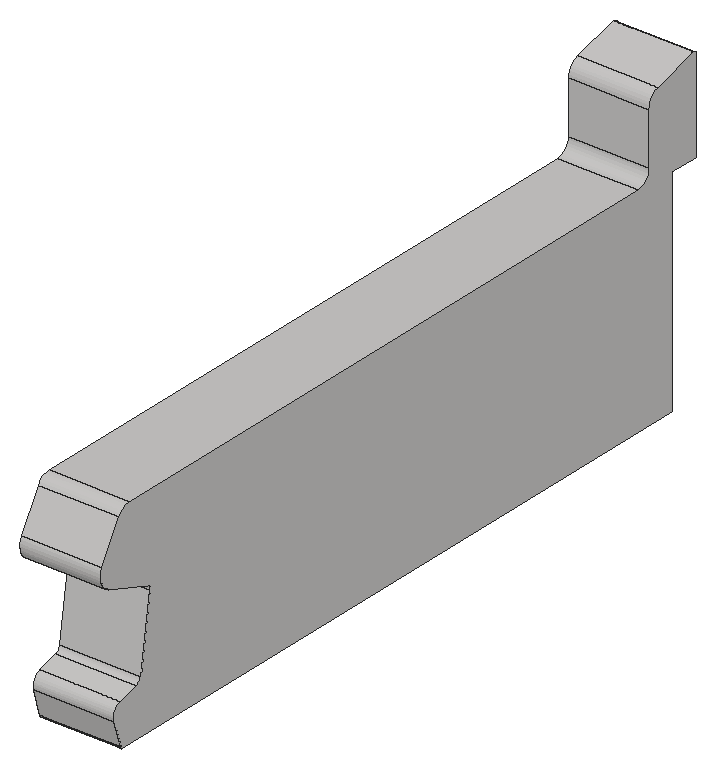
Revit family "QF_CAPIC_AM6_W290601", category Equipement spécialisé, Revit 2018
Family settings
  Cote de connecteur circulaire = Utiliser le diamètre
  Type d'élément = Normal
  Numéro OmniClass = 23.40.40.14
  Titre OmniClass = Food Service Equipment
  Basée sur le plan de construction = Non
  Toujours verticalement = Oui
  Couper avec des vides une fois chargée = Non
  Partagée = Non
  Point de calcul de pièce = Non
Parameters (values of type "100 x 925 x 270 mm")
  URL catalogue = "http://www.capic-fr.com/fr/"
  Type de Raccord Plomberie [instance] = ""
  Type de Raccord Electrique [instance] = ""
  Type de Gaz = ""
  Type article [instance] = ""
  Tension = 0 V
  Spécification du Fabricant = ""
  Show Logo = yes
  Remarques evacuation [instance] = ""
  Remarques Plomberie [instance] = ""
  Remarques Electricité [instance] = ""
  Puissance électrique  = 0 W
  Puissance Gaz kW = 0
  Profondeur hors tout = 925 mm
  Pression Maximum Eau Adoucie = 0.0 Pa
  Poids net à vide = 10.00 kg
  Phase = 0
  Modèle = "W290601"
  Longueur hors tout = 100 mm
  Intensité nominale = 0 A
  Hauteur hors tout = 390 mm
  Hauteur de Raccordement du Sol Finis = 0 mm
  Hauteur de Raccordement Gaz du Sol Finis = 0 mm
  Hauteur de Raccordement Evacuation Directe du Sol Finis = 0 mm
  Hauteur de Raccordement Eau Froide du Sol Finis = 0 mm
  Hauteur de Raccordement Eau Chaude du Sol Finis = 0 mm
  Hauteur de Raccordement Eau Adoucie du Sol Finis = 0 mm
  Fréquence = 0 Hz
  Fabricant = "CAPIC"
  Débit d'air d'extraction = 0.0 m³/h
  Débit Gaz = 0.0 L/s
  Débit Eau Froide = 0.0 L/s
  Débit Eau Chaude = 0.0 L/s
  Débit Eau Adoucie = 0.0 L/s
  Diamètre de Raccordement Gaz = 0 mm
  Diamètre de Raccordement Evacuation = 0 mm
  Diamètre de Raccordement Eau Froide = 0 mm
  Diamètre de Raccordement Eau Chaude = 0 mm
  Diamètre de Raccordement Eau Adoucie = 0 mm
  Description = "Plan neutre dessus seul"
  Assembly Code = ""
  Classification  Omniclass nombre et titre = "23.40.40.14"
Reference planes
  plane 1 "Centre (avant/arrière)": y = 0
  plane 2: z = 0
  plane 3 "Centre (gauche/droite)": x = 0
  plane 4: x = 100
Forms (mm)
  Extrusion 1, solid, material "QF_Stainless Steel-Brushed"
    sketch origin (0, 0, 0) x (0, 1, 0) y (0, 0, 1)
      loop
        line (-37, 897) -> (0, 897) -> (0, 1013.429)
        arc (0, 1013.429) -> (-0.782, 1015.016) -> (-2.518, 1015.361) r 2
        line (-2.518, 1015.361) -> (-57.918, 1000.516)
        arc (-57.918, 1000.516) -> (-68.074, 993.73) -> (-72, 982.164) r 19
        line (-72, 982.164) -> (-72, 917)
        arc (-72, 917) -> (-76.979, 904.979) -> (-89, 900) r 17
        line (-89, 900) -> (-879.289, 900)
        arc (-879.289, 900) -> (-889.289, 897.321) -> (-896.61, 890) r 20
        line (-896.61, 890) -> (-922.551, 845.067)
        arc (-922.551, 845.067) -> (-924.025, 828.227) -> (-912.071, 816.274) r 20
        line (-912.071, 816.274) -> (-852.584, 794.622)
        arc (-852.584, 794.622) -> (-849.467, 792.029) -> (-848.71, 788.045) r 6
        line (-848.71, 788.045) -> (-863.004, 697.797)
        arc (-863.004, 697.797) -> (-865.152, 693.242) -> (-869.412, 690.554) r 9
        line (-869.412, 690.554) -> (-893.968, 683.511)
        arc (-893.968, 683.511) -> (-902.687, 676.541) -> (-903.87, 665.441) r 14.5
        line (-903.87, 665.441) -> (-894.201, 632.915)
        arc (-894.201, 632.915) -> (-892.759, 630.848) -> (-890.367, 630.054) r 4
        line (-890.367, 630.054) -> (-37, 630.054) -> (-37, 897)
    from 0 to 100
Dimensions and locks
  "Longueur hors tout": plane 3 "Centre (gauche/droite)" to plane 4
  aligned and locked: level to plane 2
  aligned and locked: plane 4 to Extrusion 1
Automatic sketch dimensions
  Extrusion 1 sketch curve to plane 1 "Centre (avant/arrière)" = 0 mm
  plane 1 "Centre (avant/arrière)" to Extrusion 1 sketch curve = 2 mm
  Extrusion 1 sketch curve to Extrusion 1 sketch curve = 0.518 mm
  plane 1 "Centre (avant/arrière)" to Extrusion 1 sketch curve = 37 mm
  plane 1 "Centre (avant/arrière)" to Extrusion 1 sketch curve = 53 mm
  Extrusion 1 sketch curve to Extrusion 1 sketch curve = 4.918 mm
  Extrusion 1 sketch curve to Extrusion 1 sketch curve = 19 mm
  Extrusion 1 sketch curve to Extrusion 1 sketch curve = 17 mm
  Extrusion 1 sketch curve to Extrusion 1 sketch curve = 3.874 mm
  Extrusion 1 sketch curve to Extrusion 1 sketch curve = 2.052 mm
  Extrusion 1 sketch curve to Extrusion 1 sketch curve = 14.294 mm
  Extrusion 1 sketch curve to Extrusion 1 sketch curve = 6.408 mm
  Extrusion 1 sketch curve to Extrusion 1 sketch curve = 8.889 mm
  Extrusion 1 sketch curve to Extrusion 1 sketch curve = 26.705 mm
  Extrusion 1 sketch curve to Extrusion 1 sketch curve = 20.559 mm
  Extrusion 1 sketch curve to Extrusion 1 sketch curve = 0.396 mm
  Extrusion 1 sketch curve to Extrusion 1 sketch curve = 3.998 mm
  Extrusion 1 sketch curve to Extrusion 1 sketch curve = 3.834 mm
  Extrusion 1 sketch curve to Extrusion 1 sketch curve = 17.321 mm  (x2)
  Extrusion 1 sketch curve to Extrusion 1 sketch curve = 13.899 mm
  Extrusion 1 sketch curve to Extrusion 1 sketch curve = 25.942 mm
  Extrusion 1 sketch curve to Extrusion 1 sketch curve = 6.84 mm
  level to Extrusion 1 sketch curve = 630.054 mm
  Extrusion 1 sketch curve to Extrusion 1 sketch curve = 2.86 mm
  Extrusion 1 sketch curve to Extrusion 1 sketch curve = 32.526 mm
  Extrusion 1 sketch curve to Extrusion 1 sketch curve = 4.131 mm
  Extrusion 1 sketch curve to Extrusion 1 sketch curve = 7.043 mm
  Extrusion 1 sketch curve to Extrusion 1 sketch curve = 7.243 mm
  Extrusion 1 sketch curve to Extrusion 1 sketch curve = 90.248 mm
  Extrusion 1 sketch curve to Extrusion 1 sketch curve = 0.939 mm
  Extrusion 1 sketch curve to Extrusion 1 sketch curve = 21.652 mm
  Extrusion 1 sketch curve to Extrusion 1 sketch curve = 18.794 mm
  Extrusion 1 sketch curve to Extrusion 1 sketch curve = 44.933 mm
  Extrusion 1 sketch curve to Extrusion 1 sketch curve = 10 mm
  Extrusion 1 sketch curve to Extrusion 1 sketch curve = 20 mm
  Extrusion 1 sketch curve to Extrusion 1 sketch curve = 65.164 mm
  Extrusion 1 sketch curve to Extrusion 1 sketch curve = 12.913 mm
  Extrusion 1 sketch curve to Extrusion 1 sketch curve = 759.71 mm
